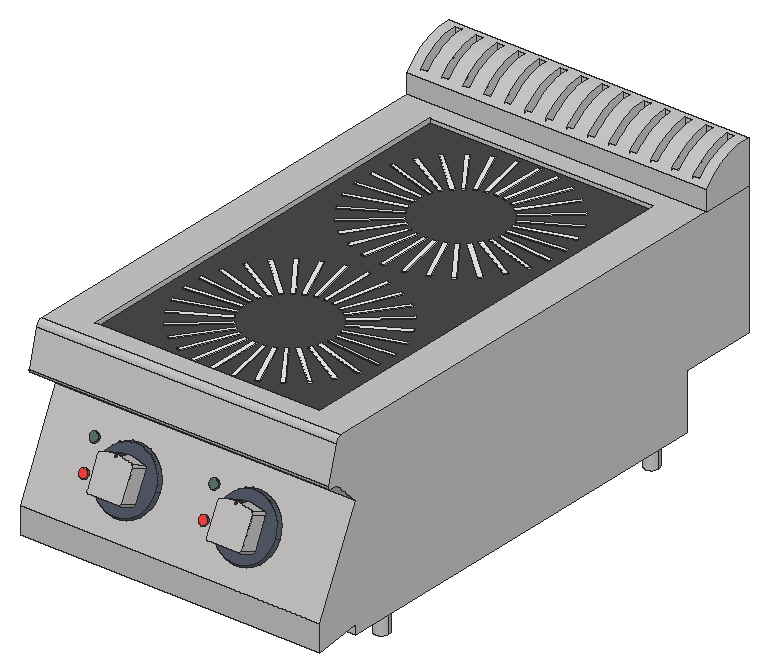
Revit family "QF_ZANUSSI_372020_Z7INED2000", category Specialty Equipment, Revit 2018 (continued)
Lines and regions (mm)
  symbolic lines
    curve 285: line (75.847, -471.365, 266.887) -> (74.302, -476.12, 266.887)
    curve 286: line (68.979, -503.103, 266.887) -> (141.972, -510.775, 266.887)
    curve 287: line (141.972, -510.775, 266.887) -> (142.495, -505.802, 266.887)
    curve 288: line (142.495, -505.802, 266.887) -> (69.501, -498.13, 266.887)
    curve 289: line (69.501, -498.13, 266.887) -> (68.979, -503.103, 266.887)
    curve 290: line (69.381, -530.602, 266.887) -> (142.375, -522.93, 266.887)
    curve 291: line (142.375, -522.93, 266.887) -> (141.852, -517.958, 266.887)
    curve 292: line (141.852, -517.958, 266.887) -> (68.858, -525.629, 266.887)
    curve 293: line (68.858, -525.629, 266.887) -> (69.381, -530.602, 266.887)
    curve 294: line (75.492, -557.417, 266.887) -> (145.296, -534.736, 266.887)
    curve 295: line (145.296, -534.736, 266.887) -> (143.751, -529.981, 266.887)
    curve 296: line (143.751, -529.981, 266.887) -> (73.947, -552.662, 266.887)
    curve 297: line (73.947, -552.662, 266.887) -> (75.492, -557.417, 266.887)
    curve 298: line (87.045, -582.375, 266.887) -> (150.608, -545.677, 266.887)
    curve 299: line (150.608, -545.677, 266.887) -> (148.108, -541.347, 266.887)
    curve 300: line (148.108, -541.347, 266.887) -> (84.545, -578.045, 266.887)
    curve 301: line (84.545, -578.045, 266.887) -> (87.045, -582.375, 266.887)
    curve 302: line (103.535, -604.386, 266.887) -> (158.078, -555.275, 266.887)
    curve 303: line (158.078, -555.275, 266.887) -> (154.733, -551.559, 266.887)
    curve 304: line (154.733, -551.559, 266.887) -> (100.189, -600.671, 266.887)
    curve 305: line (100.189, -600.671, 266.887) -> (103.535, -604.386, 266.887)
    curve 306: line (124.24, -622.488, 266.887) -> (167.381, -563.109, 266.887)
    curve 307: line (167.381, -563.109, 266.887) -> (163.336, -560.17, 266.887)
    curve 308: line (163.336, -560.17, 266.887) -> (120.195, -619.549, 266.887)
    curve 309: line (120.195, -619.549, 266.887) -> (124.24, -622.488, 266.887)
    curve 310: line (148.257, -635.889, 266.887) -> (178.109, -568.839, 266.887)
    curve 311: line (178.109, -568.839, 266.887) -> (173.542, -566.805, 266.887)
    curve 312: line (173.542, -566.805, 266.887) -> (143.689, -633.855, 266.887)
    curve 313: line (143.689, -633.855, 266.887) -> (148.257, -635.889, 266.887)
    curve 314: line (0, -700, 0) -> (400.05, -700, 0)
    curve 315: line (97, -700, 0) -> (97, -724.347, 0)
    curve 316: arc (97, -724.347, 0) -> (97.146, -724.811, 0) -> (97.532, -725.107, 0) r 0.809
    curve 317: arc (97.532, -725.107, 0) -> (98.72, -725.587, 0) -> (99.997, -725.68, 0) r 4.127
    curve 318: arc (97, -704.292, 0) -> (91.959, -702.458, 0) -> (87.191, -700, 0) r 42.24
    curve 319: arc (97, -706.539, 0) -> (97.502, -705.818, 0) -> (98.299, -705.448, 0) r 1.682
    curve 320: arc (98.299, -705.448, 0) -> (108.602, -703.95, 0) -> (119, -703.441, 0) r 109.079
    curve 321: line (119, -700, 0) -> (119, -705.671, 0)
    curve 322: line (119, -705.671, 0) -> (121, -705.671, 0)
    curve 323: line (121, -705.671, 0) -> (121, -700, 0)
    curve 324: line (143, -700, 0) -> (143, -724.347, 0)
    curve 325: arc (143, -724.347, 0) -> (142.854, -724.811, 0) -> (142.468, -725.107, 0) r 0.809
    curve 326: arc (142.468, -725.107, 0) -> (141.28, -725.587, 0) -> (140.003, -725.68, 0) r 4.127
    curve 327: arc (143, -704.292, 0) -> (148.041, -702.458, 0) -> (152.809, -700, 0) r 42.24
    curve 328: arc (143, -706.539, 0) -> (142.498, -705.818, 0) -> (141.701, -705.448, 0) r 1.682
    curve 329: arc (141.701, -705.448, 0) -> (131.398, -703.95, 0) -> (121, -703.441, 0) r 109.079
    curve 330: line (99.997, -725.68, 0) -> (140.003, -725.68, 0)
    curve 331: line (303, -700, 0) -> (303, -724.347, 0)
    curve 332: arc (303, -724.347, 0) -> (302.854, -724.811, 0) -> (302.468, -725.107, 0) r 0.809
    curve 333: arc (302.468, -725.107, 0) -> (301.28, -725.587, 0) -> (300.003, -725.68, 0) r 4.127
    curve 334: arc (303, -704.292, 0) -> (308.041, -702.458, 0) -> (312.809, -700, 0) r 42.24
    curve 335: arc (303, -706.539, 0) -> (302.498, -705.818, 0) -> (301.701, -705.448, 0) r 1.682
    curve 336: arc (301.701, -705.448, 0) -> (291.398, -703.95, 0) -> (281, -703.441, 0) r 109.079
    curve 337: line (281, -700, 0) -> (281, -705.671, 0)
    curve 338: line (281, -705.671, 0) -> (279, -705.671, 0)
    curve 339: line (279, -705.671, 0) -> (279, -700, 0)
    curve 340: line (257, -700, 0) -> (257, -724.347, 0)
    curve 341: arc (257, -724.347, 0) -> (257.146, -724.811, 0) -> (257.532, -725.107, 0) r 0.809
    curve 342: arc (257.532, -725.107, 0) -> (258.72, -725.587, 0) -> (259.997, -725.68, 0) r 4.127
    curve 343: arc (257, -704.292, 0) -> (251.959, -702.458, 0) -> (247.191, -700, 0) r 42.24
    curve 344: arc (257, -706.539, 0) -> (257.502, -705.818, 0) -> (258.299, -705.448, 0) r 1.682
    curve 345: arc (258.299, -705.448, 0) -> (268.602, -703.95, 0) -> (279, -703.441, 0) r 109.079
    curve 346: line (300.003, -725.68, 0) -> (259.997, -725.68, 0)
    curve 347: line (143, -715, 0) -> (257, -715, 0)
    curve 348: line (303, -715, 0) -> (400.05, -715, 0)
    curve 349: line (0, -715, 0) -> (97, -715, 0)
Dimensions and locks
  equal spacing: plane 3 "LEFT", plane 7 "Center Y", plane 4 "RIGHT"
  "Width": plane 3 "LEFT" to plane 4 "RIGHT"
  equal spacing: plane 5 "FRONT", plane 8 "Center X", plane 1 "BACK"
  "Depth": plane 5 "FRONT" to plane 1 "BACK"
  "Height": plane 6 "TOP" to level
  "Base Height": plane 9 "BASE" to level
  plane 1 "BACK" to plane 5 "FRONT" = 730.00 mm
  plane 10 "TOP A" to plane 9 "BASE" = 250.00 mm
  plane 1 "BACK" to plane 13 = 700.00 mm
  aligned and locked: level to plane 2
  aligned and locked: plane 4 "RIGHT" to Extrusion 1
  aligned and locked: plane 4 "RIGHT" to Extrusion 2
  aligned and locked: plane 9 "BASE" to Extrusion 18
  aligned and locked: plane 6 "TOP" to Extrusion 20
Automatic sketch dimensions
  Extrusion 21 sketch curve to Extrusion 21 sketch curve = 5.00 mm
  Extrusion 21 sketch curve to Extrusion 21 sketch curve = 73.396 mm
  Extrusion 22 sketch curve to Extrusion 22 sketch curve = 5.00 mm
  Extrusion 22 sketch curve to Extrusion 22 sketch curve = 73.396 mm
  Extrusion 23 sketch curve to Extrusion 23 sketch curve = 5.00 mm
  Extrusion 23 sketch curve to Extrusion 23 sketch curve = 73.396 mm
  Extrusion 24 sketch curve to Extrusion 24 sketch curve = 5.00 mm
  Extrusion 24 sketch curve to Extrusion 24 sketch curve = 73.396 mm
  Extrusion 25 sketch curve to Extrusion 25 sketch curve = 5.00 mm
  Extrusion 25 sketch curve to Extrusion 25 sketch curve = 73.396 mm
  Extrusion 26 sketch curve to Extrusion 26 sketch curve = 5.00 mm
  Extrusion 26 sketch curve to Extrusion 26 sketch curve = 73.396 mm
  Extrusion 27 sketch curve to Extrusion 27 sketch curve = 5.00 mm
  Extrusion 27 sketch curve to Extrusion 27 sketch curve = 73.396 mm
  Extrusion 28 sketch curve to Extrusion 28 sketch curve = 5.00 mm
  Extrusion 28 sketch curve to Extrusion 28 sketch curve = 73.396 mm
  Extrusion 29 sketch curve to Extrusion 29 sketch curve = 5.00 mm
  Extrusion 29 sketch curve to Extrusion 29 sketch curve = 73.396 mm
  Extrusion 30 sketch curve to Extrusion 30 sketch curve = 5.00 mm
  Extrusion 30 sketch curve to Extrusion 30 sketch curve = 73.396 mm
  Extrusion 31 sketch curve to Extrusion 31 sketch curve = 5.00 mm
  Extrusion 31 sketch curve to Extrusion 31 sketch curve = 73.396 mm
  Extrusion 32 sketch curve to Extrusion 32 sketch curve = 5.00 mm
  Extrusion 32 sketch curve to Extrusion 32 sketch curve = 73.396 mm
  Extrusion 33 sketch curve to Extrusion 33 sketch curve = 5.00 mm
  Extrusion 33 sketch curve to Extrusion 33 sketch curve = 73.396 mm
  Extrusion 34 sketch curve to Extrusion 34 sketch curve = 5.00 mm
  Extrusion 34 sketch curve to Extrusion 34 sketch curve = 73.396 mm
  Extrusion 35 sketch curve to Extrusion 35 sketch curve = 5.00 mm
  Extrusion 35 sketch curve to Extrusion 35 sketch curve = 73.396 mm
  Extrusion 36 sketch curve to Extrusion 36 sketch curve = 5.00 mm
  Extrusion 36 sketch curve to Extrusion 36 sketch curve = 73.396 mm
  Extrusion 37 sketch curve to Extrusion 37 sketch curve = 5.00 mm
  Extrusion 37 sketch curve to Extrusion 37 sketch curve = 73.396 mm
  Extrusion 38 sketch curve to Extrusion 38 sketch curve = 5.00 mm
  Extrusion 38 sketch curve to Extrusion 38 sketch curve = 73.396 mm
  Extrusion 39 sketch curve to Extrusion 39 sketch curve = 5.00 mm
  Extrusion 39 sketch curve to Extrusion 39 sketch curve = 73.396 mm
  Extrusion 40 sketch curve to Extrusion 40 sketch curve = 5.00 mm
  Extrusion 40 sketch curve to Extrusion 40 sketch curve = 73.396 mm
  Extrusion 41 sketch curve to Extrusion 41 sketch curve = 5.00 mm
  Extrusion 41 sketch curve to Extrusion 41 sketch curve = 73.396 mm
  Extrusion 42 sketch curve to Extrusion 42 sketch curve = 5.00 mm
  Extrusion 42 sketch curve to Extrusion 42 sketch curve = 73.396 mm
  Extrusion 43 sketch curve to Extrusion 43 sketch curve = 5.00 mm
  Extrusion 43 sketch curve to Extrusion 43 sketch curve = 73.396 mm
  Extrusion 44 sketch curve to Extrusion 44 sketch curve = 5.00 mm
  Extrusion 44 sketch curve to Extrusion 44 sketch curve = 73.396 mm
  Extrusion 45 sketch curve to Extrusion 45 sketch curve = 5.00 mm
  Extrusion 45 sketch curve to Extrusion 45 sketch curve = 73.396 mm
  Extrusion 46 sketch curve to Extrusion 46 sketch curve = 5.00 mm
  Extrusion 46 sketch curve to Extrusion 46 sketch curve = 73.396 mm
  Extrusion 47 sketch curve to Extrusion 47 sketch curve = 5.00 mm
  Extrusion 47 sketch curve to Extrusion 47 sketch curve = 73.396 mm
  Extrusion 48 sketch curve to Extrusion 48 sketch curve = 5.00 mm
  Extrusion 48 sketch curve to Extrusion 48 sketch curve = 73.396 mm
  Extrusion 49 sketch curve to Extrusion 49 sketch curve = 5.00 mm
  Extrusion 49 sketch curve to Extrusion 49 sketch curve = 73.396 mm
  Extrusion 50 sketch curve to Extrusion 50 sketch curve = 5.00 mm
  Extrusion 50 sketch curve to Extrusion 50 sketch curve = 73.396 mm
  Extrusion 51 sketch curve to Extrusion 51 sketch curve = 5.00 mm
  Extrusion 51 sketch curve to Extrusion 51 sketch curve = 73.396 mm
  Extrusion 52 sketch curve to Extrusion 52 sketch curve = 5.00 mm
  Extrusion 52 sketch curve to Extrusion 52 sketch curve = 73.396 mm
  Extrusion 53 sketch curve to Extrusion 53 sketch curve = 5.00 mm
  Extrusion 53 sketch curve to Extrusion 53 sketch curve = 73.396 mm
  Extrusion 54 sketch curve to Extrusion 54 sketch curve = 5.00 mm
  Extrusion 54 sketch curve to Extrusion 54 sketch curve = 73.396 mm
  Extrusion 55 sketch curve to Extrusion 55 sketch curve = 5.00 mm
  Extrusion 55 sketch curve to Extrusion 55 sketch curve = 73.396 mm
  Extrusion 56 sketch curve to Extrusion 56 sketch curve = 5.00 mm
  Extrusion 56 sketch curve to Extrusion 56 sketch curve = 73.396 mm
  Extrusion 57 sketch curve to Extrusion 57 sketch curve = 5.00 mm
  Extrusion 57 sketch curve to Extrusion 57 sketch curve = 73.396 mm
  Extrusion 58 sketch curve to Extrusion 58 sketch curve = 5.00 mm
  Extrusion 58 sketch curve to Extrusion 58 sketch curve = 73.396 mm
  Extrusion 59 sketch curve to Extrusion 59 sketch curve = 5.00 mm
  Extrusion 59 sketch curve to Extrusion 59 sketch curve = 73.396 mm
  Extrusion 60 sketch curve to Extrusion 60 sketch curve = 5.00 mm
  Extrusion 60 sketch curve to Extrusion 60 sketch curve = 73.396 mm
  Extrusion 61 sketch curve to Extrusion 61 sketch curve = 5.00 mm
  Extrusion 61 sketch curve to Extrusion 61 sketch curve = 73.396 mm
  Extrusion 62 sketch curve to Extrusion 62 sketch curve = 5.00 mm
  Extrusion 62 sketch curve to Extrusion 62 sketch curve = 73.396 mm
  Extrusion 63 sketch curve to Extrusion 63 sketch curve = 5.00 mm
  Extrusion 63 sketch curve to Extrusion 63 sketch curve = 73.396 mm
  Extrusion 64 sketch curve to Extrusion 64 sketch curve = 5.00 mm
  Extrusion 64 sketch curve to Extrusion 64 sketch curve = 73.396 mm
  Extrusion 65 sketch curve to Extrusion 65 sketch curve = 5.00 mm
  Extrusion 65 sketch curve to Extrusion 65 sketch curve = 73.396 mm
  Extrusion 66 sketch curve to Extrusion 66 sketch curve = 5.00 mm
  Extrusion 66 sketch curve to Extrusion 66 sketch curve = 73.396 mm
  Extrusion 67 sketch curve to Extrusion 67 sketch curve = 5.00 mm
  Extrusion 67 sketch curve to Extrusion 67 sketch curve = 73.396 mm
  Extrusion 68 sketch curve to Extrusion 68 sketch curve = 5.00 mm
  Extrusion 68 sketch curve to Extrusion 68 sketch curve = 73.396 mm
  Extrusion 69 sketch curve to Extrusion 69 sketch curve = 5.00 mm
  Extrusion 69 sketch curve to Extrusion 69 sketch curve = 73.396 mm
  Extrusion 70 sketch curve to Extrusion 70 sketch curve = 5.00 mm
  Extrusion 70 sketch curve to Extrusion 70 sketch curve = 73.396 mm
  Extrusion 71 sketch curve to Extrusion 71 sketch curve = 5.00 mm
  Extrusion 71 sketch curve to Extrusion 71 sketch curve = 73.396 mm
  Extrusion 72 sketch curve to Extrusion 72 sketch curve = 5.00 mm
  Extrusion 72 sketch curve to Extrusion 72 sketch curve = 73.396 mm
  Extrusion 73 sketch curve to Extrusion 73 sketch curve = 5.00 mm
  Extrusion 73 sketch curve to Extrusion 73 sketch curve = 73.396 mm
  Extrusion 74 sketch curve to Extrusion 74 sketch curve = 5.00 mm
  Extrusion 74 sketch curve to Extrusion 74 sketch curve = 73.396 mm
  Extrusion 75 sketch curve to Extrusion 75 sketch curve = 5.00 mm
  Extrusion 75 sketch curve to Extrusion 75 sketch curve = 73.396 mm
  Extrusion 76 sketch curve to Extrusion 76 sketch curve = 5.00 mm
  Extrusion 76 sketch curve to Extrusion 76 sketch curve = 73.396 mm
  Extrusion 77 sketch curve to Extrusion 77 sketch curve = 5.00 mm
  Extrusion 77 sketch curve to Extrusion 77 sketch curve = 73.396 mm
  Extrusion 78 sketch curve to Extrusion 78 sketch curve = 5.00 mm
  Extrusion 78 sketch curve to Extrusion 78 sketch curve = 73.396 mm
  Extrusion 79 sketch curve to Extrusion 79 sketch curve = 5.00 mm
  Extrusion 79 sketch curve to Extrusion 79 sketch curve = 73.396 mm
  Extrusion 80 sketch curve to Extrusion 80 sketch curve = 5.00 mm
  Extrusion 80 sketch curve to Extrusion 80 sketch curve = 73.396 mm
  Extrusion 2 sketch curve to plane 10 "TOP A" = 0.00 mm
  Extrusion 2 sketch curve to plane 1 "BACK" = 0.00 mm
  Extrusion 2 sketch curve to plane 6 "TOP" = 0.00 mm
  plane 1 "BACK" to Extrusion 2 sketch curve = 1.769 mm
  plane 10 "TOP A" to Extrusion 2 sketch curve = 25.40 mm
  plane 1 "BACK" to Extrusion 2 sketch curve = 69.85 mm
  Extrusion 3 sketch curve to plane 4 "RIGHT" = 50.00 mm
  plane 3 "LEFT" to Extrusion 3 sketch curve = 50.00 mm
  Extrusion 3 sketch curve to plane 12 = 54.376 mm
  plane 11 to Extrusion 3 sketch curve = 55.377 mm
  plane 1 "BACK" to Extrusion 4 sketch curve = 6.761 mm
  plane 3 "LEFT" to Extrusion 4 sketch curve = 22.749 mm
  Extrusion 4 sketch curve to Extrusion 4 sketch curve = 9.296 mm
  Extrusion 4 sketch curve to Extrusion 4 sketch curve = 57.15 mm
  Extrusion 5 sketch curve to plane 1 "BACK" = 6.761 mm
  plane 4 "RIGHT" to Extrusion 5 sketch curve = 22.749 mm
  Extrusion 5 sketch curve to Extrusion 5 sketch curve = 9.296 mm
  Extrusion 5 sketch curve to Extrusion 5 sketch curve = 57.15 mm
  plane 1 "BACK" to Extrusion 6 sketch curve = 6.761 mm
  plane 3 "LEFT" to Extrusion 6 sketch curve = 50.737 mm
  Extrusion 6 sketch curve to Extrusion 6 sketch curve = 9.296 mm
  Extrusion 6 sketch curve to Extrusion 6 sketch curve = 57.15 mm
  plane 1 "BACK" to Extrusion 7 sketch curve = 6.761 mm
  plane 3 "LEFT" to Extrusion 7 sketch curve = 78.725 mm
  Extrusion 7 sketch curve to Extrusion 7 sketch curve = 9.296 mm
  Extrusion 7 sketch curve to Extrusion 7 sketch curve = 57.15 mm
  plane 1 "BACK" to Extrusion 8 sketch curve = 6.761 mm
  Extrusion 8 sketch curve to plane 7 "Center Y" = 93.311 mm
  Extrusion 8 sketch curve to Extrusion 8 sketch curve = 9.296 mm
  Extrusion 8 sketch curve to Extrusion 8 sketch curve = 57.15 mm
  plane 1 "BACK" to Extrusion 9 sketch curve = 6.761 mm
  Extrusion 9 sketch curve to plane 7 "Center Y" = 65.323 mm
  Extrusion 9 sketch curve to Extrusion 9 sketch curve = 9.296 mm
  Extrusion 9 sketch curve to Extrusion 9 sketch curve = 57.15 mm
  plane 1 "BACK" to Extrusion 10 sketch curve = 6.761 mm
  Extrusion 10 sketch curve to plane 7 "Center Y" = 37.335 mm
  Extrusion 10 sketch curve to Extrusion 10 sketch curve = 9.296 mm
  Extrusion 10 sketch curve to Extrusion 10 sketch curve = 57.15 mm
  Extrusion 11 sketch curve to plane 7 "Center Y" = 9.346 mm
  Extrusion 11 sketch curve to Extrusion 11 sketch curve = 9.296 mm
  plane 1 "BACK" to Extrusion 11 sketch curve = 6.761 mm
  Extrusion 11 sketch curve to Extrusion 11 sketch curve = 57.15 mm
  plane 1 "BACK" to Extrusion 12 sketch curve = 6.761 mm
  plane 7 "Center Y" to Extrusion 12 sketch curve = 18.642 mm
  Extrusion 12 sketch curve to Extrusion 12 sketch curve = 9.296 mm
  Extrusion 12 sketch curve to Extrusion 12 sketch curve = 57.15 mm
  plane 1 "BACK" to Extrusion 13 sketch curve = 6.761 mm
  plane 7 "Center Y" to Extrusion 13 sketch curve = 46.63 mm
  Extrusion 13 sketch curve to Extrusion 13 sketch curve = 9.296 mm
  Extrusion 13 sketch curve to Extrusion 13 sketch curve = 57.15 mm
  plane 1 "BACK" to Extrusion 14 sketch curve = 6.761 mm
  plane 7 "Center Y" to Extrusion 14 sketch curve = 74.619 mm
  Extrusion 14 sketch curve to Extrusion 14 sketch curve = 9.296 mm
  Extrusion 14 sketch curve to Extrusion 14 sketch curve = 57.15 mm
  plane 1 "BACK" to Extrusion 15 sketch curve = 6.761 mm
  Extrusion 15 sketch curve to plane 4 "RIGHT" = 97.418 mm
  Extrusion 15 sketch curve to Extrusion 15 sketch curve = 9.296 mm
  Extrusion 15 sketch curve to Extrusion 15 sketch curve = 57.15 mm
  plane 1 "BACK" to Extrusion 16 sketch curve = 6.761 mm
  Extrusion 16 sketch curve to plane 4 "RIGHT" = 69.43 mm
  Extrusion 16 sketch curve to Extrusion 16 sketch curve = 9.296 mm
  Extrusion 16 sketch curve to Extrusion 16 sketch curve = 57.15 mm
  plane 1 "BACK" to Extrusion 17 sketch curve = 6.761 mm
  Extrusion 17 sketch curve to plane 4 "RIGHT" = 41.441 mm
  Extrusion 17 sketch curve to Extrusion 17 sketch curve = 9.296 mm
  Extrusion 17 sketch curve to Extrusion 17 sketch curve = 57.15 mm
  plane 11 to Extrusion 18 sketch curve = 0.00 mm  (x2)
  plane 12 to Extrusion 18 sketch curve = 0.00 mm  (x2)
  plane 3 "LEFT" to Extrusion 18 sketch curve = 11.112 mm  (x2)
  Extrusion 18 sketch curve to plane 4 "RIGHT" = 11.113 mm  (x2)
  plane 1 "BACK" to Extrusion 20 sketch curve = 0.00 mm
  Extrusion 20 sketch curve to plane 3 "LEFT" = 0.00 mm
  Extrusion 20 sketch curve to plane 4 "RIGHT" = 0.00 mm
  Extrusion 20 sketch curve to plane 3 "LEFT" = 150.019 mm
  plane 5 "FRONT" to Extrusion 20 sketch curve = 0.00 mm  (x2)
  plane 4 "RIGHT" to Extrusion 20 sketch curve = 150.019 mm
  Extrusion 20 sketch curve to plane 1 "BACK" = 150.019 mm
  curve 65 to plane 4 "RIGHT" = 0.00 mm
  curve 5 to plane 3 "LEFT" = 0.00 mm
  curve 63 to plane 3 "LEFT" = 0.00 mm
  plane 1 "BACK" to curve 5 = 0.00 mm
  plane 5 "FRONT" to curve 6 = 0.00 mm
  plane 4 "RIGHT" to curve 3 = 150.019 mm
  curve 12 to plane 4 "RIGHT" = 13.453 mm
  curve 11 to curve 14 = 9.296 mm
  curve 12 to curve 59 = 18.693 mm
  curve 59 to curve 62 = 9.296 mm
  curve 60 to curve 55 = 18.693 mm
  curve 55 to curve 56 = 9.296 mm
  plane 1 "BACK" to curve 51 = 6.761 mm
  curve 57 to curve 51 = 18.693 mm
  curve 51 to curve 52 = 9.296 mm
  curve 52 to curve 47 = 18.693 mm
  curve 47 to curve 48 = 9.296 mm
  plane 1 "BACK" to curve 43 = 6.761 mm
  curve 49 to curve 43 = 18.693 mm
  curve 43 to curve 44 = 9.296 mm
  plane 7 "Center Y" to curve 39 = 18.642 mm
  curve 39 to curve 40 = 9.296 mm
  curve 36 to plane 7 "Center Y" = 9.346 mm
  curve 35 to curve 38 = 9.296 mm
  curve 36 to curve 32 = 18.693 mm
  curve 31 to curve 32 = 9.296 mm
  plane 1 "BACK" to curve 30 = 6.761 mm
  curve 33 to curve 30 = 18.693 mm
  curve 27 to curve 28 = 9.296 mm
  plane 1 "BACK" to curve 23 = 6.761 mm
  curve 29 to curve 23 = 18.693 mm
  curve 23 to curve 24 = 9.296 mm
  curve 24 to curve 20 = 18.693 mm
  curve 19 to curve 20 = 9.296 mm
  curve 20 to curve 15 = 18.693 mm
  curve 15 to curve 16 = 9.296 mm
  curve 16 to curve 63 = 9.691 mm
  plane 1 "BACK" to curve 10 = 6.761 mm
  curve 17 to curve 10 = 18.693 mm
  curve 7 to curve 9 = 9.296 mm
  plane 5 "FRONT" to curve 1 = 1.377 mm
  curve 1 to plane 3 "LEFT" = 150.019 mm
  curve 2 to plane 1 "BACK" = 150.019 mm
  plane 1 "BACK" to curve 61 = 6.761 mm
  plane 1 "BACK" to curve 58 = 6.761 mm
  plane 1 "BACK" to curve 11 = 6.761 mm
  plane 1 "BACK" to curve 15 = 6.761 mm
  plane 1 "BACK" to curve 50 = 6.761 mm
  plane 1 "BACK" to curve 19 = 6.761 mm
  plane 1 "BACK" to curve 42 = 6.761 mm
  plane 1 "BACK" to curve 38 = 6.761 mm
  plane 1 "BACK" to curve 31 = 6.761 mm
  curve 33 to curve 33 = 57.15 mm
  curve 29 to curve 32 = 0.00 mm
  curve 31 to curve 35 = 0.00 mm
  curve 25 to curve 28 = 0.00 mm
  curve 35 to curve 39 = 0.00 mm
  curve 21 to curve 24 = 0.00 mm
  curve 39 to curve 43 = 0.00 mm
  curve 17 to curve 20 = 0.00 mm
  curve 43 to curve 47 = 0.00 mm
  curve 13 to curve 13 = 57.15 mm
  curve 47 to curve 51 = 0.00 mm
  curve 9 to curve 16 = 0.00 mm
  curve 51 to curve 55 = 0.00 mm
  curve 55 to curve 61 = 0.00 mm
  curve 8 to curve 64 = 5.939 mm
  curve 11 to curve 65 = 5.939 mm
  curve 64 to plane 12 = 26.988 mm
  plane 5 "FRONT" to curve 3 = 1.377 mm
  curve 74 to curve 76 = 5.00 mm
  curve 75 to curve 76 = 73.396 mm
  curve 78 to curve 80 = 5.00 mm
  curve 79 to curve 80 = 73.396 mm
  curve 82 to curve 84 = 5.00 mm
  curve 83 to curve 84 = 73.396 mm
  curve 86 to curve 88 = 5.00 mm
  curve 87 to curve 88 = 73.396 mm
  curve 90 to curve 92 = 5.00 mm
  curve 91 to curve 92 = 73.396 mm
  curve 94 to curve 96 = 5.00 mm
  curve 95 to curve 96 = 73.396 mm
  curve 98 to curve 100 = 5.00 mm
  curve 99 to curve 100 = 73.396 mm
  curve 102 to curve 104 = 5.00 mm
  curve 103 to curve 104 = 73.396 mm
  curve 106 to curve 108 = 5.00 mm
  curve 107 to curve 108 = 73.396 mm
  curve 110 to curve 112 = 5.00 mm
  curve 111 to curve 112 = 73.396 mm
  curve 114 to curve 116 = 5.00 mm
  curve 115 to curve 116 = 73.396 mm
  curve 118 to curve 120 = 5.00 mm
  curve 119 to curve 120 = 73.396 mm
  curve 122 to curve 124 = 5.00 mm
  curve 123 to curve 124 = 73.396 mm
  curve 126 to curve 128 = 5.00 mm
  curve 127 to curve 128 = 73.396 mm
  curve 130 to curve 132 = 5.00 mm
  curve 131 to curve 132 = 73.396 mm
  curve 134 to curve 136 = 5.00 mm
  curve 135 to curve 136 = 73.396 mm
  curve 138 to curve 140 = 5.00 mm
  curve 139 to curve 140 = 73.396 mm
  curve 142 to curve 144 = 5.00 mm
  curve 143 to curve 144 = 73.396 mm
  curve 146 to curve 148 = 5.00 mm
  curve 147 to curve 148 = 73.396 mm
  curve 150 to curve 152 = 5.00 mm
  curve 151 to curve 152 = 73.396 mm
  curve 154 to curve 156 = 5.00 mm
  curve 155 to curve 156 = 73.396 mm
  curve 158 to curve 160 = 5.00 mm
  curve 159 to curve 160 = 73.396 mm
  curve 162 to curve 164 = 5.00 mm
  curve 163 to curve 164 = 73.396 mm
  curve 166 to curve 168 = 5.00 mm
  curve 167 to curve 168 = 73.396 mm
  curve 170 to curve 172 = 5.00 mm
  curve 171 to curve 172 = 73.396 mm
  curve 174 to curve 176 = 5.00 mm
  curve 175 to curve 176 = 73.396 mm
  curve 178 to curve 180 = 5.00 mm
  curve 179 to curve 180 = 73.396 mm
  curve 182 to curve 184 = 5.00 mm
  curve 183 to curve 184 = 73.396 mm
  curve 186 to curve 188 = 5.00 mm
  curve 187 to curve 188 = 73.396 mm
  curve 190 to curve 192 = 5.00 mm
  curve 191 to curve 192 = 73.396 mm
  curve 194 to curve 196 = 5.00 mm
  curve 195 to curve 196 = 73.396 mm
  curve 198 to curve 200 = 5.00 mm
  curve 199 to curve 200 = 73.396 mm
  curve 202 to curve 204 = 5.00 mm
  curve 203 to curve 204 = 73.396 mm
  curve 206 to curve 208 = 5.00 mm
  curve 207 to curve 208 = 73.396 mm
  curve 210 to curve 212 = 5.00 mm
  curve 211 to curve 212 = 73.396 mm
  curve 214 to curve 216 = 5.00 mm
  curve 215 to curve 216 = 73.396 mm
  curve 218 to curve 220 = 5.00 mm
  curve 219 to curve 220 = 73.396 mm
  curve 222 to curve 224 = 5.00 mm
  curve 223 to curve 224 = 73.396 mm
  curve 226 to curve 228 = 5.00 mm
  curve 227 to curve 228 = 73.396 mm
  curve 230 to curve 232 = 5.00 mm
  curve 231 to curve 232 = 73.396 mm
  curve 234 to curve 236 = 5.00 mm
  curve 235 to curve 236 = 73.396 mm
  curve 238 to curve 240 = 5.00 mm
  curve 239 to curve 240 = 73.396 mm
  curve 242 to curve 244 = 5.00 mm
  curve 243 to curve 244 = 73.396 mm
  curve 246 to curve 248 = 5.00 mm
  curve 247 to curve 248 = 73.396 mm
  curve 250 to curve 252 = 5.00 mm
  curve 251 to curve 252 = 73.396 mm
  curve 254 to curve 256 = 5.00 mm
  curve 255 to curve 256 = 73.396 mm
  curve 258 to curve 260 = 5.00 mm
  curve 259 to curve 260 = 73.396 mm
  curve 262 to curve 264 = 5.00 mm
  curve 263 to curve 264 = 73.396 mm
  curve 266 to curve 268 = 5.00 mm
  curve 267 to curve 268 = 73.396 mm
  curve 270 to curve 272 = 5.00 mm
  curve 271 to curve 272 = 73.396 mm
  curve 274 to curve 276 = 5.00 mm
  curve 275 to curve 276 = 73.396 mm
  curve 278 to curve 280 = 5.00 mm
  curve 279 to curve 280 = 73.396 mm
  curve 282 to curve 284 = 5.00 mm
  curve 283 to curve 284 = 73.396 mm
  curve 286 to curve 288 = 5.00 mm
  curve 287 to curve 288 = 73.396 mm
  curve 290 to curve 292 = 5.00 mm
  curve 291 to curve 292 = 73.396 mm
  curve 294 to curve 296 = 5.00 mm
  curve 295 to curve 296 = 73.396 mm
  curve 298 to curve 300 = 5.00 mm
  curve 299 to curve 300 = 73.396 mm
  curve 302 to curve 304 = 5.00 mm
  curve 303 to curve 304 = 73.396 mm
  curve 306 to curve 308 = 5.00 mm
  curve 307 to curve 308 = 73.396 mm
  curve 310 to curve 312 = 5.00 mm
  curve 311 to curve 312 = 73.396 mm
  plane 9 "BASE" to Extrusion 19 sketch curve = 33.906 mm
  Extrusion 19 sketch curve to plane 4 "RIGHT" = 63.50 mm
  plane 3 "LEFT" to Blend 81 sketch curve = 120.00 mm  (x2)
  plane 3 "LEFT" to Extrusion 82 sketch curve = 97.00 mm
  Extrusion 82 sketch curve to Extrusion 82 sketch curve = 2.997 mm  (x3)
  Extrusion 82 sketch curve to Extrusion 82 sketch curve = 20.003 mm  (x2)
  Extrusion 82 sketch curve to Extrusion 82 sketch curve = 40.005 mm
  Extrusion 82 sketch curve to Extrusion 82 sketch curve = 5.399 mm
  Extrusion 82 sketch curve to Extrusion 82 sketch curve = 40.037 mm
  Extrusion 82 sketch curve to Extrusion 82 sketch curve = 0.00 mm  (x2)
  plane 14 "panel" to Extrusion 83 sketch curve = 35.00 mm
  plane 13 to Extrusion 83 sketch curve = 5.671 mm
  Extrusion 83 sketch curve to Extrusion 83 sketch curve = 3.00 mm
  Extrusion 83 sketch curve to Extrusion 83 sketch curve = 0.00 mm  (x2)
  Extrusion 83 sketch curve to Extrusion 83 sketch curve = 1.00 mm
  Extrusion 83 sketch curve to Extrusion 83 sketch curve = 15.00 mm
  plane 3 "LEFT" to Extrusion 84 sketch curve = 64.999 mm
  plane 3 "LEFT" to Extrusion 85 sketch curve = 102.50 mm
  Extrusion 85 sketch curve to Extrusion 85 sketch curve = 35.00 mm  (x2)
  Split face 1 sketch curve to Split face 1 sketch curve = 6.00 mm
  Split face 1 sketch curve to Split face 1 sketch curve = 10.00 mm
  Split face 2 sketch curve to Split face 2 sketch curve = 5.00 mm
  Split face 2 sketch curve to Split face 2 sketch curve = 9.00 mm
  Split face 3 sketch curve to Split face 3 sketch curve = 5.00 mm
  Split face 4 sketch curve to Split face 4 sketch curve = 5.00 mm
  plane 3 "LEFT" to Blend 86 sketch curve = 280.00 mm  (x2)
  plane 3 "LEFT" to Extrusion 87 sketch curve = 257.00 mm
  Extrusion 87 sketch curve to Extrusion 87 sketch curve = 2.997 mm  (x3)
  Extrusion 87 sketch curve to Extrusion 87 sketch curve = 20.003 mm  (x2)
  Extrusion 87 sketch curve to Extrusion 87 sketch curve = 40.005 mm
  Extrusion 87 sketch curve to Extrusion 87 sketch curve = 5.399 mm
  Extrusion 87 sketch curve to Extrusion 87 sketch curve = 40.037 mm
  Extrusion 87 sketch curve to Extrusion 87 sketch curve = 0.00 mm  (x2)
  plane 3 "LEFT" to Extrusion 88 sketch curve = 262.50 mm
  Extrusion 88 sketch curve to Extrusion 88 sketch curve = 35.00 mm  (x2)
  Split face 24 sketch curve to Split face 24 sketch curve = 6.00 mm
  Split face 24 sketch curve to Split face 24 sketch curve = 10.00 mm
  Split face 25 sketch curve to Split face 25 sketch curve = 5.00 mm
  Split face 25 sketch curve to Split face 25 sketch curve = 9.00 mm
  Split face 26 sketch curve to Split face 26 sketch curve = 5.00 mm
  Split face 27 sketch curve to Split face 27 sketch curve = 5.00 mm
  plane 14 "panel" to Extrusion 89 sketch curve = 35.00 mm
  plane 13 to Extrusion 89 sketch curve = 5.671 mm
  Extrusion 89 sketch curve to Extrusion 89 sketch curve = 3.00 mm
  Extrusion 89 sketch curve to Extrusion 89 sketch curve = 0.00 mm
  Extrusion 89 sketch curve to Extrusion 89 sketch curve = 1.00 mm  (x2)
  Extrusion 89 sketch curve to Extrusion 89 sketch curve = 15.00 mm
  plane 3 "LEFT" to Extrusion 90 sketch curve = 64.999 mm
  plane 3 "LEFT" to Extrusion 91 sketch curve = 224.999 mm
  plane 3 "LEFT" to Extrusion 92 sketch curve = 224.999 mm
  plane 5 "FRONT" to curve 5 = 0.00 mm
  curve 349 to plane 3 "LEFT" = 0.00 mm
  curve 314 to plane 3 "LEFT" = 0.00 mm
  curve 316 to curve 319 = 0.774 mm
  curve 316 to curve 317 = 1.846 mm
  curve 319 to curve 318 = 10.309 mm
  curve 320 to curve 329 = 1.738 mm
  curve 318 to curve 327 = 22.215 mm
  curve 326 to plane 7 "Center Y" = 59.654 mm
  curve 326 to curve 328 = 1.071 mm
  curve 326 to curve 325 = 1.846 mm
  plane 7 "Center Y" to curve 341 = 57.809 mm
  curve 341 to curve 344 = 0.774 mm
  curve 341 to curve 342 = 1.846 mm
  curve 344 to curve 343 = 10.309 mm
  plane 7 "Center Y" to curve 345 = 79.131 mm
  curve 345 to curve 336 = 1.738 mm
  curve 343 to curve 334 = 22.215 mm
  curve 333 to curve 335 = 1.071 mm
  plane 5 "FRONT" to curve 320 = 82.519 mm
  curve 320 to curve 329 = 0.00 mm
  curve 329 to curve 336 = 0.00 mm
  curve 345 to curve 336 = 0.00 mm
  curve 316 to curve 325 = 0.00 mm
  curve 341 to curve 332 = 0.00 mm
  curve 342 to curve 344 = 14.462 mm
  curve 317 to curve 319 = 14.462 mm
  curve 318 to curve 327 = 0.00 mm
  curve 343 to curve 334 = 0.00 mm
  curve 318 to curve 319 = 11.392 mm
  curve 316 to curve 316 = 0.809 mm
  curve 316 to curve 316 = 0.277 mm
  curve 319 to curve 319 = 0.284 mm
  curve 316 to curve 317 = 2.465 mm
  curve 319 to curve 321 = 20.417 mm
  curve 321 to curve 323 = 2.00 mm
  curve 330 to curve 325 = 2.189 mm
  curve 328 to curve 329 = 0.284 mm
  curve 325 to curve 325 = 0.277 mm
  curve 329 to curve 327 = 1.299 mm
  curve 324 to curve 327 = 9.809 mm
  curve 343 to curve 344 = 11.392 mm
  curve 341 to curve 341 = 0.277 mm
  curve 345 to curve 344 = 0.284 mm
  curve 342 to curve 342 = 2.465 mm
  curve 344 to curve 345 = 20.417 mm
  curve 345 to curve 336 = 2.00 mm
  curve 333 to curve 332 = 2.189 mm
  curve 335 to curve 336 = 0.284 mm
  curve 332 to curve 332 = 0.277 mm
  curve 336 to curve 334 = 1.299 mm
  curve 332 to curve 332 = 0.809 mm
  curve 331 to curve 334 = 9.809 mm
  plane 4 "RIGHT" to curve 314 = 0.05 mm
  plane 4 "RIGHT" to curve 348 = 0.05 mm
  curve 326 to curve 325 = 0.573 mm
  curve 342 to curve 341 = 0.573 mm
  curve 333 to curve 332 = 0.573 mm
  curve 317 to curve 349 = 6.567 mm
  curve 326 to curve 347 = 6.567 mm
  curve 331 to curve 348 = 9.347 mm
  curve 328 to curve 328 = 0.567 mm
  curve 344 to curve 344 = 0.567 mm
  curve 319 to curve 319 = 0.567 mm
  curve 335 to curve 335 = 0.567 mm
  curve 328 to curve 323 = 1.435 mm
  curve 344 to curve 339 = 1.435 mm
  curve 329 to curve 327 = 1.156 mm
  curve 345 to curve 343 = 1.156 mm
  curve 320 to curve 318 = 1.156 mm
  curve 336 to curve 334 = 1.156 mm
  curve 320 to curve 321 = 3.441 mm
  curve 327 to curve 324 = 4.292 mm
  curve 343 to curve 340 = 4.292 mm
  curve 334 to curve 331 = 4.292 mm
  curve 345 to curve 339 = 3.441 mm
  curve 318 to curve 315 = 4.292 mm
  Extrusion 3 to curve 73 = 0.00 mm
  curve 73 to Extrusion 3 = 0.00 mm  (x2)
  curve 70 to Extrusion 3 = 0.00 mm
  curve 68 to Extrusion 3 = 11.994 mm
  curve 68 to curve 68 = 11.495 mm
  curve 66 to Extrusion 3 = 263.642 mm
  curve 66 to curve 69 = 32.256 mm
  plane 11 to Extrusion 1 sketch curve = 117.116 mm
  plane 11 to Extrusion 1 sketch curve = 101.999 mm
  Extrusion 1 sketch curve to Extrusion 1 sketch curve = 2.884 mm
  plane 11 to Extrusion 1 sketch curve = 88.948 mm
  Extrusion 1 sketch curve to Extrusion 1 sketch curve = 10.198 mm
  Extrusion 1 sketch curve to Extrusion 1 sketch curve = 7.474 mm
  Extrusion 1 sketch curve to Extrusion 1 sketch curve = 56.355 mm
  Extrusion 1 sketch curve to Extrusion 1 sketch curve = 0.445 mm
  Extrusion 1 sketch curve to Extrusion 1 sketch curve = 3.20 mm
  Extrusion 1 sketch curve to plane 10 "TOP A" = 88.636 mm
  Extrusion 1 sketch curve to Extrusion 1 sketch curve = 31.82 mm
  plane 1 "BACK" to Extrusion 1 sketch curve = 103.00 mm
  Extrusion 1 sketch curve to plane 6 "TOP" = 58.00 mm
  Extrusion 1 sketch curve to plane 1 "BACK" = 0.00 mm
  Extrusion 1 sketch curve to plane 10 "TOP A" = 176.00 mm
  plane 9 "BASE" to Extrusion 1 sketch curve = 40.508 mm
  Extrusion 1 sketch curve to Extrusion 1 sketch curve = 27.08 mm
  Extrusion 1 sketch curve to Extrusion 1 sketch curve = 35.00 mm
  Extrusion 1 sketch curve to Extrusion 1 sketch curve = 74.00 mm
  Extrusion 1 sketch curve to plane 10 "TOP A" = 56.816 mm
  Extrusion 1 sketch curve to Extrusion 1 sketch curve = 3.00 mm
  radius of Extrusion 18 sketch curve = 9.525 mm  (x4)
  radius of Extrusion 19 sketch curve = 12.70 mm
  radius of Blend 81 sketch curve = 42.50 mm
  radius of Blend 81 sketch curve = 40.50 mm
  radius of Extrusion 84 sketch curve = 6.00 mm
  radius of Split face 5 sketch curve = 2.029 mm
  radius of Split face 6 sketch curve = 1.50 mm
  radius of Split face 7 sketch curve = 1.50 mm
  radius of Split face 8 sketch curve = 1.50 mm
  radius of Split face 9 sketch curve = 1.50 mm
  radius of Split face 10 sketch curve = 1.50 mm
  radius of Split face 11 sketch curve = 1.50 mm
  radius of Split face 12 sketch curve = 1.50 mm
  radius of Split face 13 sketch curve = 1.50 mm
  radius of Split face 14 sketch curve = 1.50 mm
  radius of Blend 86 sketch curve = 42.50 mm
  radius of Blend 86 sketch curve = 40.50 mm
  radius of Split face 15 sketch curve = 1.50 mm
  radius of Split face 16 sketch curve = 1.50 mm
  radius of Split face 17 sketch curve = 1.50 mm
  radius of Split face 18 sketch curve = 1.50 mm
  radius of Split face 19 sketch curve = 1.50 mm
  radius of Split face 20 sketch curve = 1.50 mm
  radius of Split face 21 sketch curve = 1.50 mm
  radius of Split face 22 sketch curve = 1.50 mm
  radius of Split face 23 sketch curve = 1.50 mm
  radius of Split face 28 sketch curve = 2.031 mm
  radius of Split face 29 sketch curve = 1.50 mm
  radius of Split face 30 sketch curve = 1.50 mm
  radius of Extrusion 90 sketch curve = 6.00 mm
  radius of Extrusion 91 sketch curve = 6.00 mm
  radius of Extrusion 92 sketch curve = 6.00 mm
Connectors
  electrical at (336.5, -88.9, 57.906), driven by "Volts", driven by "Watts"
    settings: on Extrusion 19, index 1, voltage 400 V, apparent load 7000 VA, apparent load phase1 0 VA, apparent load phase2 0 VA, apparent load phase3 0 VA, power factor 1, load classification "Other", number of poles 1, system type 30, power factor state 1, is connector primary yes, connector utility no, sub classification motor no, connector description "Electrical Connection"
